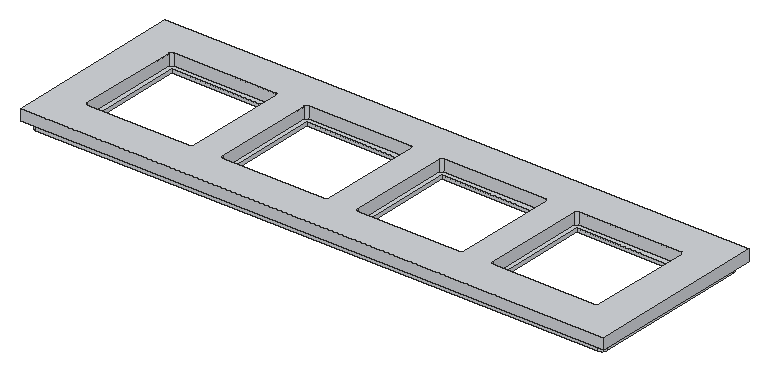
Revit family "Gira_021405", category Electrical Fixtures, host Face, Revit 2017
Family settings
  Host = Face
  Maintain Annotation Orientation = No
  Round Connector Dimension = Use Diameter
  Part Type = Normal
  Cut with Voids When Loaded = No
  Shared = No
  Room Calculation Point = No
Parameters (values of type "Cov.fr. 4-g Gira Esprit black gl.")
  With mounting grid = "No"
  With hinged lid = "No"
  URL = "http://katalog.gira.de/en/datenblatt.html?artikelnr=021405"
  Type of fastening = "Clamp mounting"
  Transparent = "No"
  Surface protection = "Other"
  Suitable for wall duct = "No"
  Suitable for flush-mounted installation = "Yes"
  Suitable for floor box = "No"
  Suitable for built-in installation = "No"
  Number of units vertical = "4"
  Number of units horizontal = "4"
  Number of units = "4"
  Name = "Cov.fr. 4-g Gira Esprit black gl."
  Mounting direction = "Horizontal and vertical"
  Material quality = "Other"
  Material = "Glass"
  Manufacturer URL = "https://www.gira.de/"
  Manufacturer = "Gira"
  Label space/information surface = "No"
  Keynote = ""
  HeinzeBIM = "https://bimportal.heinze.de/bim/cov-fr-4-g-gira-esprit-black-gl-/18346afa69efcd21260d2a6e7c89be5b520cf3da"
  Halogen free = "No"
  HAN = "021405"
  GTIN = "4010337214052"
  Description = "Cov.fr.4g Espr. GBk,Gira Esprit cover frame,black glass,4-gang,"
  Degree of protection (IP) = "IP20"
  Default Elevation = 1219.2 mm
  Data sheet (1) = "https://katalog.gira.de/en/download.html?artikelnr=021405"
  Colour = "Black"
  Category = "Cover frame for domestic switching devices"
  BIM (1) = "https://media.stage.bim.site/public/gira/36a6b08/Espr._Rahmen_4fach.rfa"
  Available = "No"
Reference planes
  plane 1 "Center (Front/Back)": y = 0
  plane 2: z = 0
  plane 3 "Center (Left/Right)": x = 0
Forms (mm)
  Extrusion 1, solid, detail levels fine
    sketch origin (0, 0, 0) x (1, 0, 0) y (0, 1, 0)
      loop
        line (-154, 47.5) -> (-154, -47.5) -> (154, -47.5) -> (154, 47.5) -> (-154, 47.5)
      loop
        arc (-135.25, -26.8) -> (-134.811, -27.861) -> (-133.75, -28.3) r 1.5
        line (-133.75, -28.3) -> (-80.15, -28.3)
        arc (-80.15, -28.3) -> (-79.089, -27.861) -> (-78.65, -26.8) r 1.5
        line (-78.65, -26.8) -> (-78.65, 26.8)
        arc (-78.65, 26.8) -> (-79.089, 27.861) -> (-80.15, 28.3) r 1.5
        line (-80.15, 28.3) -> (-133.75, 28.3)
        arc (-133.75, 28.3) -> (-134.811, 27.861) -> (-135.25, 26.8) r 1.5
        line (-135.25, 26.8) -> (-135.25, -26.8)
      loop
        arc (-63.95, -26.8) -> (-63.511, -27.861) -> (-62.45, -28.3) r 1.5
        line (-62.45, -28.3) -> (-8.85, -28.3)
        arc (-8.85, -28.3) -> (-7.789, -27.861) -> (-7.35, -26.8) r 1.5
        line (-7.35, -26.8) -> (-7.35, 26.8)
        arc (-7.35, 26.8) -> (-7.789, 27.861) -> (-8.85, 28.3) r 1.5
        line (-8.85, 28.3) -> (-62.45, 28.3)
        arc (-62.45, 28.3) -> (-63.511, 27.861) -> (-63.95, 26.8) r 1.5
        line (-63.95, 26.8) -> (-63.95, -26.8)
      loop
        arc (7.35, -26.8) -> (7.789, -27.861) -> (8.85, -28.3) r 1.5
        line (8.85, -28.3) -> (62.45, -28.3)
        arc (62.45, -28.3) -> (63.511, -27.861) -> (63.95, -26.8) r 1.5
        line (63.95, -26.8) -> (63.95, 26.8)
        arc (63.95, 26.8) -> (63.511, 27.861) -> (62.45, 28.3) r 1.5
        line (62.45, 28.3) -> (8.85, 28.3)
        arc (8.85, 28.3) -> (7.789, 27.861) -> (7.35, 26.8) r 1.5
        line (7.35, 26.8) -> (7.35, -26.8)
      loop
        arc (78.65, -26.8) -> (79.089, -27.861) -> (80.15, -28.3) r 1.5
        line (80.15, -28.3) -> (133.75, -28.3)
        arc (133.75, -28.3) -> (134.811, -27.861) -> (135.25, -26.8) r 1.5
        line (135.25, -26.8) -> (135.25, 26.8)
        arc (135.25, 26.8) -> (134.811, 27.861) -> (133.75, 28.3) r 1.5
        line (133.75, 28.3) -> (80.15, 28.3)
        arc (80.15, 28.3) -> (79.089, 27.861) -> (78.65, 26.8) r 1.5
        line (78.65, 26.8) -> (78.65, -26.8)
    from 0 to 6
  Extrusion 2, solid, detail levels fine
    sketch origin (0, 0, 0) x (1, 0, 0) y (0, 1, 0)
      loop
        line (-132.85, -25.7) -> (-81.05, -25.7) -> (-81.05, 25.7) -> (-132.85, 25.7) -> (-132.85, -25.7)
      loop
        line (61.55, 25.7) -> (9.75, 25.7) -> (9.75, -25.7) -> (61.55, -25.7) -> (61.55, 25.7)
      loop
        arc (-149.85, -41.4) -> (-149.323, -42.673) -> (-148.05, -43.2) r 1.8
        line (-148.05, -43.2) -> (148.05, -43.2)
        arc (148.05, -43.2) -> (149.323, -42.673) -> (149.85, -41.4) r 1.8
        line (149.85, -41.4) -> (149.85, 41.4)
        arc (149.85, 41.4) -> (149.323, 42.673) -> (148.05, 43.2) r 1.8
        line (148.05, 43.2) -> (-148.05, 43.2)
        arc (-148.05, 43.2) -> (-149.323, 42.673) -> (-149.85, 41.4) r 1.8
        line (-149.85, 41.4) -> (-149.85, -41.4)
      loop
        line (-9.75, 25.7) -> (-61.55, 25.7) -> (-61.55, -25.7) -> (-9.75, -25.7) -> (-9.75, 25.7)
      loop
        line (132.85, 25.7) -> (81.05, 25.7) -> (81.05, -25.7) -> (132.85, -25.7) -> (132.85, 25.7)
    from -1.9 to 0
  Extrusion 3, solid, detail levels fine
    sketch origin (0, 0, 0) x (1, 0, 0) y (0, 1, 0)
      loop
        arc (-148.05, 44.4) -> (-150.171, 43.521) -> (-151.05, 41.4) r 3
        line (-151.05, 41.4) -> (-151.05, -41.4)
        arc (-151.05, -41.4) -> (-150.171, -43.521) -> (-148.05, -44.4) r 3
        line (-148.05, -44.4) -> (148.05, -44.4)
        arc (148.05, -44.4) -> (150.171, -43.521) -> (151.05, -41.4) r 3
        line (151.05, -41.4) -> (151.05, 41.4)
        arc (151.05, 41.4) -> (150.171, 43.521) -> (148.05, 44.4) r 3
        line (148.05, 44.4) -> (-148.05, 44.4)
      loop
        arc (-149.85, -41.4) -> (-149.323, -42.673) -> (-148.05, -43.2) r 1.8
        line (-148.05, -43.2) -> (148.05, -43.2)
        arc (148.05, -43.2) -> (149.323, -42.673) -> (149.85, -41.4) r 1.8
        line (149.85, -41.4) -> (149.85, 41.4)
        arc (149.85, 41.4) -> (149.323, 42.673) -> (148.05, 43.2) r 1.8
        line (148.05, 43.2) -> (-148.05, 43.2)
        arc (-148.05, 43.2) -> (-149.323, 42.673) -> (-149.85, 41.4) r 1.8
        line (-149.85, 41.4) -> (-149.85, -41.4)
    from -3.7 to 0
  Extrusion 4, solid, detail levels medium
    sketch origin (0, 0, 0) x (1, 0, 0) y (0, 1, 0)
      loop
        line (-154, 47.5) -> (-154, -47.5) -> (154, -47.5) -> (154, 47.5) -> (-154, 47.5)
    from 0 to 6
  Extrusion 5, solid, detail levels medium
    sketch origin (0, 0, 0) x (1, 0, 0) y (0, 1, 0)
      loop
        line (-154, 44.4) -> (-154, -44.4) -> (154, -44.4) -> (154, 44.4) -> (-154, 44.4)
    from -3.7 to 0
  Extrusion 6, solid, detail levels coarse
    sketch origin (0, 0, 0) x (1, 0, 0) y (0, 1, 0)
      loop
        line (-154, 47.5) -> (-154, -47.5) -> (154, -47.5) -> (154, 47.5) -> (-154, 47.5)
    from -3.7 to 6
Dimensions and locks
  aligned and locked: plane 2 to host face
  aligned and locked: level to host face
